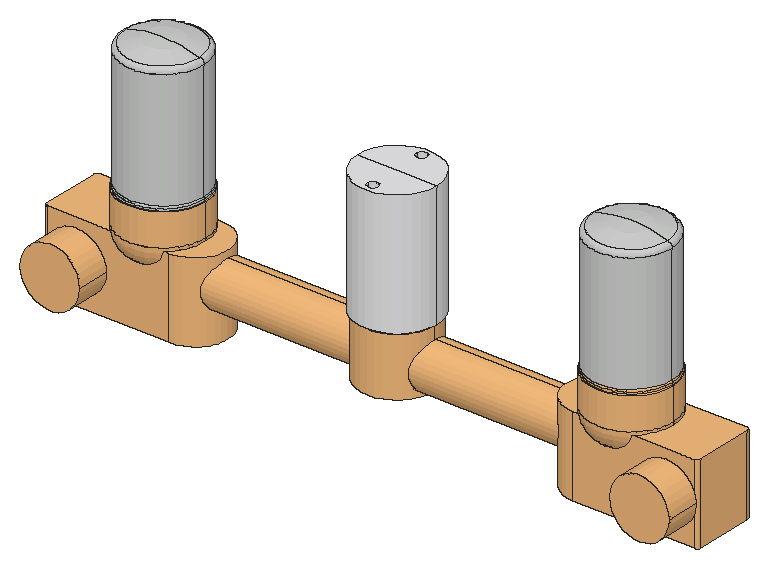
Revit family "Faucet-Valves_and_Controls-KOHLER-K-24896T_1", category Plumbing Fixtures, host Face, Revit 2017
Family settings
  Host = Face
  Round Connector Dimension = Use Diameter
  Part Type = Normal
  OmniClass Number = 23.27.31.00
  OmniClass Title = Valves
  Cut with Voids When Loaded = No
  Shared = No
  Room Calculation Point = No
Parameters (values of type "NA-Stainless Steel Wire Drawing")
  Width = 11"  # constant formula
  WaterSense Certified = 1 = 0  # no
  Waste Water Outlet = "Waste Water Outlet"  # constant formula
  Waste Connection = 1 = 0  # no
  Vent Connection = 1 = 0  # no
  URL = "http://www.kohler.com.cn/en/"
  Product Page URL = "https://www.kohler.com.cn/product/K-24896T-NA/K-24896T-NA/"
  Product Name = ""
  Product Documentation Link = "https://files.kohler.com.cn/pdfs/1535615820633_1299768-2_A1(28139T%2024896T).pdf"
  Pressure = 0.00 psi
  Model = "K-24896T-NA"  # constant formula
  Material = "Brass Construction"  # constant formula
  MasterFormat 2004 = "22.41.39"  # constant formula
  MasterFormat 1995 = "154300"  # constant formula
  Manufacturer Address = "Kohler Beijing Office (100016) 36-2-03-B, No. 88, Liuxiang Road, Beijing"  # constant formula
  Manufacturer = "KOHLER Co."  # constant formula
  Length = 4 11/64"  # constant formula
  Hot Water Inlet = "Hot Water Inlet"  # constant formula
  Height = 2 11/128"  # constant formula
  HW Connection = 1 = 1  # yes
  Flow Rate = 0 GPM
  Finish = Kohler-Metal-Brass
  Environmental Product Declaration = ""
  Drain Included = 1 = 0  # no
  Description = "double-handle wall outlet basin faucet valve core"  # constant formula
  Default Elevation = 36"
  Declare Label = ""
  Date Modified = "10/09/2020"  # constant formula
  Date Created = "10/09/2020"  # constant formula
  Copyright = "Copyright KOHLER Co."  # constant formula
  Contact Us = "http://www.kohler.com.cn/en/contact/contact-us/"
  Cold Water Inlet = "Cold Water Inlet"  # constant formula
  CW Connection = 1 = 1  # yes
  Assembly Code = "D2020"
  ADA Compliant = 1 = 0  # no
Reference planes (in)
  plane 1 "Center (Front/Back)": y = 0
  plane 2: z = 0
  plane 3 "Center (Left/Right)": x = 0
  plane 4: y = 0.98425
  plane 5: z = -2.68974
  plane 6: x = -5.5
  plane 7: x = 5.5
  plane 8: x = 3.93701
  plane 9: x = -3.93701
  plane 10: z = -2.01594
  plane 11: x = -4.96063
  plane 12: x = 4.96063
  plane 13: z = 1.48213
  plane 14: y = -1.10169
Forms (in)
  Extrusion 1, void
    sketch origin (0, 0, 0) x (1, 0, 0) y (0, 1, 0)
      loop
        circle (3.93701, 0) r 0.75
      loop
        circle (-3.93701, 0) r 0.75
    from -1.35116 to -0.01258
  Extrusion 2, void
    sketch origin (0, 0, 0) x (1, 0, 0) y (0, 0, 1)
      loop
        line (5.5, -1.09549) -> (-5.5, -1.09549) -> (-5.5, -2.68974) -> (5.5, -2.68974) -> (5.5, -1.09549)
    from -0.98425 to 1.2582
  Extrusion 3, void
    sketch origin (0, 0, 0) x (1, 0, 0) y (0, 1, 0)
      loop
        circle (0, 0) r 0.69959
    from -1.35116 to -0.01523
Dimensions and locks (in)
  "Width": plane 6 to plane 7
  plane 9 to plane 8 = 7.87402"
  "Length": plane 13 to plane 5
  "Height": plane 4 to plane 14
  aligned and locked: plane 2 to host face
  aligned and locked: level to host face
Automatic sketch dimensions
  host sketch curve to host sketch curve = 96"  (x2)
  plane 6 to Extrusion 2 sketch curve = 0"
  Extrusion 2 sketch curve to plane 5 = 0"
  Extrusion 2 sketch curve to plane 7 = 0"
  plane 10 to Extrusion 2 sketch curve = 0.92044"
  plane 1 "Center (Front/Back)" to Extrusion 3 sketch curve = 0"
  Extrusion 3 sketch curve to plane 3 "Center (Left/Right)" = 0"
  radius of Extrusion 3 sketch curve = 0.69959"
Nested families (in)
  nested 1: "K-24896T" at (0, 0, 0), type "K-24896T"
Connectors (in)
  piping at (-4.96063, -1.10236, -2.01594), diameter 0.5, driven by "HW Connection", driven by "Hot Water Inlet", driven by "Pressure", driven by "Flow Rate"
    settings: on nested 1, index 1, connector inside diameter 24", connector length 0", flow factor 0, pipe flow 0 GPM, pressure drop 0.00 psi, fitting loss kfactor 0, connector angle 0.00°, fixture units 0, engagement length 0", angle of deflection 0.00°, flow configuration 0, flow direction 1, fitting loss method 0, system type 19, joint type 0, gender type 0, connector reference index -1, connector utility 1, adjustable connector no, is connector primary yes, connector description "Hot Water Inlet"
  piping at (4.96063, -1.10236, -2.01594), diameter 0.5, driven by "CW Connection", driven by "Cold Water Inlet", driven by "Pressure", driven by "Flow Rate"
    settings: on nested 1, index 2, connector inside diameter 24", connector length 0", flow factor 0, pipe flow 0 GPM, pressure drop 0.00 psi, fitting loss kfactor 0, connector angle 0.00°, fixture units 0, engagement length 0", angle of deflection 0.00°, flow configuration 0, flow direction 1, fitting loss method 0, system type 20, joint type 0, gender type 0, connector reference index -1, connector utility 1, adjustable connector no, is connector primary no, connector description "Cold Water Inlet"
Definition of nested family "K-24896T"
  Parameters (values of type "K-24896T")
    Material = none
  Reference planes (in)
    plane 1 "Center (Front/Back)": y = 0
    plane 2: z = 0
    plane 3 "Center (Left/Right)": x = 0
    plane 4: x = -5.5
    plane 5: x = 5.5
    plane 6: x = -3.93701
    plane 7: x = 3.93701
    plane 8: z = -2.68974
    plane 9: x = -4.96063
    plane 10: x = 4.96063
    plane 11: z = 1.48361
    plane 12: y = -1.10236
  Forms (in)
    Extrusion 1, solid, material <- "Material", detail levels medium+fine
      sketch origin (0, 0, 0) x (1, 0, 0) y (0, 1, 0)
        loop
          line (-5.5, 0.48286) -> (-5.5, -0.4936)
          arc (-5.5, -0.4936) -> (-5.48314, -0.53432) -> (-5.44242, -0.55118) r 0.05758
          line (-5.44242, -0.55118) -> (-3.39892, -0.55118)
          arc (-3.39892, -0.55118) -> (-2.84774, 0) -> (-3.39892, 0.55118) r 0.55118
          line (-3.39892, 0.55118) -> (-5.43168, 0.55118)
          arc (-5.43168, 0.55118) -> (-5.47999, 0.53117) -> (-5.5, 0.48286) r 0.06832
        loop
          arc (5.5, 0.48286) -> (5.47999, 0.53117) -> (5.43168, 0.55118) r 0.06832
          line (5.43168, 0.55118) -> (3.39892, 0.55118)
          arc (3.39892, 0.55118) -> (2.84774, 0) -> (3.39892, -0.55118) r 0.55118
          line (3.39892, -0.55118) -> (5.44242, -0.55118)
          arc (5.44242, -0.55118) -> (5.48314, -0.53432) -> (5.5, -0.4936) r 0.05758
          line (5.5, -0.4936) -> (5.5, 0.48286)
      from -2.68974 to -1.35116
    Revolve 2, solid, material <- "Material", detail levels medium+fine
      sketch origin (0, 0, 0) x (1, 0, 0) y (0, 0, 1)
        loop
          arc (-3.93701, 1.48334) -> (-4.24889, 1.45981) -> (-4.55372, 1.38977) r 2.07909
          arc (-4.55372, 1.38977) -> (-4.60201, 1.3554) -> (-4.62051, 1.29909) r 0.09495
          line (-4.62051, 1.29909) -> (-4.62051, -0.68175) -> (-4.58922, -0.68175)
          arc (-4.58922, -0.68175) -> (-4.61641, -0.69156) -> (-4.62789, -0.7181) r 0.03642
          line (-4.62789, -0.7181) -> (-4.62789, -0.75123) -> (-4.59288, -0.76061) -> (-4.64567, -0.76061) -> (-4.64567, -1.3035)
          arc (-4.64567, -1.3035) -> (-4.60761, -1.49484) -> (-4.49922, -1.65706) r 0.5
          line (-4.49922, -1.65706) -> (-4.31833, -1.83795) -> (-3.93701, -1.83795) -> (-3.93701, 1.48334)
        axis (-3.93701, 1.48334) -> (-3.93701, -1.83795)
      angle from 0 to 360
    Revolve 3, solid, material <- "Material", detail levels medium+fine
      sketch origin (0, 0, 0) x (1, 0, 0) y (0, 0, 1)
        loop
          line (3.38583, -1.86297) -> (3.38583, -1.46818) -> (-3.38583, -1.46818) -> (-3.38583, -1.86297) -> (3.38583, -1.86297)
        axis (-3.38583, -1.86297) -> (3.38583, -1.86297)
      angle from 0 to 360
    Extrusion 4, solid, material <- "Material", detail levels medium+fine
      sketch origin (0, 0, 0) x (1, 0, 0) y (0, 0, 1)
        loop
          circle (4.96063, -2.01594) r 0.5
        loop
          circle (-4.96063, -2.01594) r 0.5
      from 0 to 1.10236
    Extrusion 5, solid, material <- "Material", detail levels medium+fine
      sketch origin (0, 0, 0) x (1, 0, 0) y (0, 1, 0)
        loop
          line (-3.82061, 0.98425) -> (-4.04033, 0.98425)
          arc (-4.04033, 0.98425) -> (-4.10647, 0.95686) -> (-4.13386, 0.89073) r 0.09352
          line (-4.13386, 0.89073) -> (-4.13386, 0.40196) -> (-3.74016, 0.40196) -> (-3.74016, 0.9038)
          arc (-3.74016, 0.9038) -> (-3.76372, 0.96069) -> (-3.82061, 0.98425) r 0.08045
      from -2.68974 to -2.45352
    Extrusion 6, solid, material <- "Material", detail levels medium+fine
      sketch origin (0, 0, 0) x (-1, 0, 0) y (0, -1, 0)
        loop
          arc (-3.82061, -0.98425) -> (-3.76372, -0.96069) -> (-3.74016, -0.9038) r 0.08045
          line (-3.74016, -0.9038) -> (-3.74016, -0.40196) -> (-4.13386, -0.40196) -> (-4.13386, -0.89073)
          arc (-4.13386, -0.89073) -> (-4.10647, -0.95686) -> (-4.04033, -0.98425) r 0.09352
          line (-4.04033, -0.98425) -> (-3.82061, -0.98425)
      from -2.68974 to -2.45352
    Revolve 7, solid, material <- "Material", detail levels medium+fine
      sketch origin (0, 0, 0) x (1, 0, 0) y (0, 0, 1)
        loop
          line (-0.62979, -1.2601) -> (-0.62979, -2.25667) -> (0, -2.25667) -> (0, 0.85368) -> (-0.66931, 0.85368) -> (-0.66931, -1.23345) -> (-0.62979, -1.2601)
        axis (0, 0.85368) -> (0, -2.25667)
      angle from 0 to 360
    Revolve 8, solid, material <- "Material", detail levels medium+fine
      sketch origin (0, 0, 0) x (-1, 0, 0) y (0, 0, -1)
        loop
          line (-3.93701, -1.48334) -> (-3.93701, 1.83795) -> (-4.31833, 1.83795) -> (-4.49922, 1.65706)
          arc (-4.49922, 1.65706) -> (-4.60761, 1.49484) -> (-4.64567, 1.3035) r 0.5
          line (-4.64567, 1.3035) -> (-4.64567, 0.76061) -> (-4.59288, 0.76061) -> (-4.62789, 0.75123) -> (-4.62789, 0.7181)
          arc (-4.62789, 0.7181) -> (-4.61641, 0.69156) -> (-4.58922, 0.68175) r 0.03642
          line (-4.58922, 0.68175) -> (-4.62051, 0.68175) -> (-4.62051, -1.29909)
          arc (-4.62051, -1.29909) -> (-4.60201, -1.3554) -> (-4.55372, -1.38977) r 0.09495
          arc (-4.55372, -1.38977) -> (-4.24889, -1.45981) -> (-3.93701, -1.48334) r 2.07909
        axis (-3.93701, -1.48334) -> (-3.93701, 1.83795)
      angle from 0 to 360
    Extrusion 9, solid, material <- "Material", detail levels coarse
      sketch origin (0, 0, 0) x (1, 0, 0) y (0, 1, 0)
        loop
          line (-5.5, 0.55118) -> (-5.5, -0.55118) -> (-2.86918, -0.55118) -> (-2.86918, 0.55118) -> (-5.5, 0.55118)
        loop
          line (5.5, 0.55118) -> (2.86918, 0.55118) -> (2.86918, -0.55118) -> (5.5, -0.55118) -> (5.5, 0.55118)
      from -2.68974 to -1.24327
    Revolve 10, solid, material <- "Material", detail levels coarse
      sketch origin (0, 0, 0) x (1, 0, 0) y (0, 0, 1)
        loop
          line (-3.03804, -1.85829) -> (3.24613, -1.85829) -> (3.24613, -1.35116) -> (-3.03804, -1.35116) -> (-3.03804, -1.85829)
        axis (-3.03804, -1.85829) -> (3.24613, -1.85829)
      angle from 0 to 360
    Revolve 11, solid, material <- "Material", detail levels coarse
      sketch origin (0, 0, 0) x (1, 0, 0) y (0, 0, 1)
        loop
          line (-3.93701, 1.49154) -> (-4.68701, 1.49154) -> (-4.68701, -1.24327) -> (-3.93701, -1.24327) -> (-3.93701, 1.49154)
        axis (-3.93701, -1.24327) -> (-3.93701, 1.49154)
      angle from 0 to 360
    Revolve 12, solid, material <- "Material", detail levels coarse
      sketch origin (0, 0, 0) x (-1, 0, 0) y (0, 0, 1)
        loop
          line (-3.93701, 1.49154) -> (-4.68701, 1.49154) -> (-4.68701, -1.24327) -> (-3.93701, -1.24327) -> (-3.93701, 1.49154)
        axis (-3.93701, -1.24327) -> (-3.93701, 1.49154)
      angle from 0 to 360
    Extrusion 13, solid, material <- "Material", detail levels coarse
      sketch origin (0, 0, 0) x (1, 0, 0) y (0, 1, 0)
        loop
          circle (0, 0) r 0.66931
      from -2.32529 to 0.85541
    Extrusion 14, solid, material <- "Material", detail levels coarse
      sketch origin (0, 0, 0) x (1, 0, 0) y (0, 0, 1)
        loop
          circle (-4.96063, -2.01594) r 0.5
        loop
          circle (4.96063, -2.01594) r 0.5
      from 0 to 1.10236
    Extrusion 15, solid, material <- "Material", detail levels medium+fine
      sketch origin (0, 0, 0) x (0, 1, 0) y (0, 0, 1)
        loop
          line (0.70128, 0.38962) -> (0.70128, 0.6962) -> (0.66929, 0.6962) -> (0.66929, -0.68175) -> (0.70128, -0.68175) -> (0.70128, -0.01523) -> (0.73496, -0.01523) -> (0.73496, 0.02583) -> (0.70128, 0.02583) -> (0.70128, 0.34857) -> (0.73496, 0.34857) -> (0.73496, 0.38962) -> (0.70128, 0.38962)
      from -4.17323 to -3.70079
    Extrusion 16, solid, material <- "Material", detail levels medium+fine
      sketch origin (0, 0, 0) x (0, 1, 0) y (0, 0, -1)
        loop
          line (0.70128, -0.38962) -> (0.73496, -0.38962) -> (0.73496, -0.34857) -> (0.70128, -0.34857) -> (0.70128, -0.02583) -> (0.73496, -0.02583) -> (0.73496, 0.01523) -> (0.70128, 0.01523) -> (0.70128, 0.68175) -> (0.66929, 0.68175) -> (0.66929, -0.6962) -> (0.70128, -0.6962) -> (0.70128, -0.38962)
      from -4.17323 to -3.70079
    Extrusion 17, void
      sketch origin (0, 0, 0) x (1, 0, 0) y (0, 1, 0)
        loop
          circle (0.00082, 0.51153) r 0.08933
        loop
          circle (0.00082, -0.51153) r 0.08933
      from 0.76738 to 0.93544
    Extrusion 18, solid, material <- "Material", detail levels medium+fine
      sketch origin (0, 0, 0) x (1, 0, 0) y (0, 0, 1)
        loop
          circle (-2.36456, -1.86264) r 0.118
      from -0.4146 to -0.38818
  Cuts and joins
    joined: Extrusion 1, Revolve 2, Revolve 3, Extrusion 4, Extrusion 5, Extrusion 6, Revolve 8, Extrusion 15, Extrusion 16, Extrusion 18
    joined: Extrusion 9, Revolve 10, Revolve 11, Revolve 12, Extrusion 13, Extrusion 14
    Extrusion 17 cuts Revolve 7
  Lines and regions (in)
    Masking region 1, detail levels medium+fine
      outline origin (0, 0, 0) x (1, 0, 0) y (0, 0, 1)
        loop
          line (-4.62051, 0) -> (-4.62051, -0.68175) -> (-4.58922, -0.68175)
          arc (-4.58922, -0.68175) -> (-4.61627, -0.69026) -> (-4.62789, -0.71614) r 0.03463
          line (-4.62789, -0.71614) -> (-4.62789, -0.74787) -> (-4.59288, -0.76061) -> (-4.64567, -0.76061) -> (-4.64567, -1.35116) -> (-5.5, -1.35116) -> (-5.5, -2.68974) -> (-2.84774, -2.68974) -> (-2.84774, -2.25776) -> (2.84774, -2.25776) -> (2.84774, -2.68974) -> (5.5, -2.68974) -> (5.5, -1.35116) -> (4.64567, -1.35116) -> (4.64567, -0.76061) -> (4.59288, -0.76061) -> (4.62789, -0.74787) -> (4.62789, -0.71614)
          arc (4.62789, -0.71614) -> (4.61627, -0.69026) -> (4.58922, -0.68175) r 0.03463
          line (4.58922, -0.68175) -> (4.62051, -0.68175) -> (4.62051, 0) -> (3.25351, 0) -> (3.25351, -0.68175) -> (3.2848, -0.68175)
          arc (3.2848, -0.68175) -> (3.25774, -0.69026) -> (3.24613, -0.71614) r 0.03463
          line (3.24613, -0.71614) -> (3.24613, -0.74787) -> (3.28113, -0.76061) -> (3.22835, -0.76061) -> (3.22835, -1.35116) -> (2.84774, -1.35116) -> (2.84774, -1.46818) -> (0.62716, -1.46818) -> (0.62716, -1.26187) -> (0.66931, -1.23345) -> (0.66931, 0) -> (-0.66931, 0) -> (-0.66931, -1.23345) -> (-0.62716, -1.26187) -> (-0.62716, -1.46818) -> (-2.84774, -1.46818) -> (-2.84774, -1.35116) -> (-3.22835, -1.35116) -> (-3.22835, -0.76061) -> (-3.28113, -0.76061) -> (-3.24613, -0.74787) -> (-3.24613, -0.71614)
          arc (-3.24613, -0.71614) -> (-3.25774, -0.69026) -> (-3.2848, -0.68175) r 0.03463
          line (-3.2848, -0.68175) -> (-3.25351, -0.68175) -> (-3.25351, 0) -> (-4.62051, 0)
    Masking region 2
      outline origin (0, 0, 0) x (0, 1, 0) y (0, 0, 1)
        loop
          line (0.7011, -0.01523) -> (0.73496, -0.01523) -> (0.73496, 0.02583) -> (0.70128, 0.02583) -> (0.70128, 0.34857) -> (0.73496, 0.34857) -> (0.73496, 0.38962) -> (0.70128, 0.38962) -> (0.70128, 0.6962) -> (0.68354, 0.72618) -> (0.68354, 1.29995)
          arc (0.68354, 1.29995) -> (0.66535, 1.3554) -> (0.61786, 1.3893) r 0.09361
          arc (0.61786, 1.3893) -> (0.31251, 1.45989) -> (0, 1.48361) r 2.07108
          arc (0, 1.48361) -> (-0.31251, 1.45989) -> (-0.61786, 1.3893) r 2.07108
          arc (-0.61786, 1.3893) -> (-0.66535, 1.3554) -> (-0.68354, 1.29995) r 0.09361
          line (-0.68354, 1.29995) -> (-0.68354, -0.68175) -> (-0.65221, -0.68175)
          arc (-0.65221, -0.68175) -> (-0.67933, -0.69088) -> (-0.69088, -0.71707) r 0.03547
          line (-0.69088, -0.71707) -> (-0.69088, -0.74787) -> (-0.65588, -0.76061) -> (-0.70866, -0.76061) -> (-0.70866, -1.35847)
          arc (-0.70866, -1.35847) -> (-0.70253, -1.41518) -> (-0.6844, -1.46927) r 0.26514
          line (-0.6844, -1.46927) -> (-1.10236, -1.46927) -> (-1.10236, -2.5626) -> (-0.55118, -2.5626) -> (-0.55118, -2.68974) -> (0.98425, -2.68974) -> (0.98425, -2.45352) -> (0.55118, -2.45352) -> (0.55118, -2.25667) -> (0.6717, -2.25667) -> (0.6717, -1.4935)
          arc (0.6717, -1.4935) -> (0.69925, -1.42847) -> (0.70866, -1.35847) r 0.26514
          line (0.70866, -1.35847) -> (0.70866, -0.76061) -> (0.65588, -0.76061) -> (0.69088, -0.74787) -> (0.69088, -0.70386)
          arc (0.69088, -0.70386) -> (0.68444, -0.68831) -> (0.66889, -0.68187) r 0.02199
          line (0.66889, -0.68187) -> (0.7011, -0.68187) -> (0.7011, -0.01523)
    Masking region 3
      outline origin (0, 0, 0) x (1, 0, 0) y (0, 1, 0)
        loop
          circle (-3.93701, 0) r 0.6835
        loop
          circle (3.93701, 0) r 0.6835
        loop
          circle (0, 0) r 0.66931
    Masking region 4
      outline origin (0, 0, 0) x (1, 0, 0) y (0, 0, 1)
        loop
          line (-4.62051, 1.30208) -> (-4.62051, 0) -> (-3.25351, 0) -> (-3.25351, 1.30208)
          arc (-3.25351, 1.30208) -> (-3.27134, 1.35637) -> (-3.31788, 1.38952) r 0.09158
          arc (-3.31788, 1.38952) -> (-3.62389, 1.45995) -> (-3.93701, 1.48361) r 2.08416
          arc (-3.93701, 1.48361) -> (-4.25012, 1.45995) -> (-4.55613, 1.38952) r 2.08416
          arc (-4.55613, 1.38952) -> (-4.60268, 1.35637) -> (-4.62051, 1.30208) r 0.09158
        loop
          line (-0.66931, 0) -> (0.66931, 0) -> (0.66931, 0.85368) -> (-0.66931, 0.85368) -> (-0.66931, 0)
        loop
          arc (4.62051, 1.30208) -> (4.60268, 1.35637) -> (4.55613, 1.38952) r 0.09158
          arc (4.55613, 1.38952) -> (4.25012, 1.45995) -> (3.93701, 1.48361) r 2.08416
          arc (3.93701, 1.48361) -> (3.62389, 1.45995) -> (3.31788, 1.38952) r 2.08416
          arc (3.31788, 1.38952) -> (3.27134, 1.35637) -> (3.25351, 1.30208) r 0.09158
          line (3.25351, 1.30208) -> (3.25351, 0) -> (4.62051, 0) -> (4.62051, 1.30208)
    symbolic lines, detail levels medium+fine
      curve 1: line (-4.58922, 0, -0.68175) -> (-3.2848, 0, -0.68175)
      curve 2: line (-4.62789, 0, -0.74787) -> (-3.24613, 0, -0.74787)
      curve 3: line (-4.59288, 0, -0.76061) -> (-3.27726, 0, -0.76061)
      curve 4: line (4.58922, 0, -0.68175) -> (3.2848, 0, -0.68175)
      curve 5: line (4.62789, 0, -0.74787) -> (3.24613, 0, -0.74787)
      curve 6: line (4.59288, 0, -0.76061) -> (3.27726, 0, -0.76061)
      curve 7: arc (-4.06732, 0, -1.65278) -> (-4.26958, 0, -1.5496) -> (-4.37992, 0, -1.35116) r 0.38946
      curve 8: arc (-3.80669, 0, -1.65278) -> (-3.93701, 0, -1.66809) -> (-4.06732, 0, -1.65278) r 0.56221
      curve 9: arc (-3.4941, 0, -1.35116) -> (-3.60444, 0, -1.5496) -> (-3.80669, 0, -1.65278) r 0.38946
      curve 10: line (-2.84774, 0, -1.46818) -> (-2.84774, 0, -2.25776)
      curve 11: arc (3.80669, 0, -1.65278) -> (3.60444, 0, -1.5496) -> (3.4941, 0, -1.35116) r 0.38946
      curve 12: arc (4.37992, 0, -1.35116) -> (4.26958, 0, -1.5496) -> (4.06732, 0, -1.65278) r 0.38946
      curve 13: arc (4.06732, 0, -1.65278) -> (3.93701, 0, -1.66809) -> (3.80669, 0, -1.65278) r 0.56221
      curve 14: line (4.64339, 0, -1.35116) -> (4.37992, 0, -1.35116)
      curve 15: line (3.23062, 0, -1.35116) -> (3.4941, 0, -1.35116)
      curve 16: line (-4.64339, 0, -1.35116) -> (-4.37992, 0, -1.35116)
      curve 17: line (-3.23062, 0, -1.35116) -> (-3.4941, 0, -1.35116)
      curve 18: line (-0.62716, 0, -1.46818) -> (0.62716, 0, -1.46818)
      curve 19: arc (-0.62716, 0, -1.46818) -> (-0.77342, 0, -1.86243) -> (-0.62716, 0, -2.25667) r 0.6045
      curve 20: arc (0.62716, 0, -1.46818) -> (0.77342, 0, -1.86243) -> (0.62716, 0, -2.25667) r 0.6045
      curve 21: line (0, 0.55118, -1.35116) -> (0, -0.55118, -1.35116)
      curve 22: line (0, 0.55118, -1.35116) -> (0, 0.55118, -2.68974)
      curve 23: line (0, 0.65588, -0.76061) -> (0, -0.65588, -0.76061)
      curve 24: line (0, -0.69088, -0.74787) -> (0, 0.69088, -0.74787)
      curve 25: line (0, 0.66929, -0.68175) -> (0, -0.65221, -0.68175)
      curve 26: arc (0, 0.6717, -1.4935) -> (0, 0.61905, -1.58088) -> (0, 0.55118, -1.65706) r 0.55093
      curve 27: line (0, -0.55118, -1.35116) -> (0, -0.55118, -2.27424)
      curve 28: line (0, -0.55118, -2.5626) -> (0, -0.55118, -2.27424)
      curve 29: arc (0, -0.6844, -1.46927) -> (0, -0.62968, -1.57159) -> (0, -0.55118, -1.65706) r 0.462
      curve 30: line (2.84774, 0, -1.46818) -> (2.84774, 0, -2.25776)
      curve 39: line (4.13386, 0, -2.68974) -> (4.13386, 0, -2.45352)
      curve 40: line (4.13386, 0, -2.45352) -> (3.74016, 0, -2.45352)
      curve 41: line (3.74016, 0, -2.45352) -> (3.74016, 0, -2.68974)
      curve 42: line (-3.74016, 0, -2.68974) -> (-3.74016, 0, -2.45352)
      curve 43: line (-3.74016, 0, -2.45352) -> (-4.13386, 0, -2.45352)
      curve 44: line (-4.13386, 0, -2.45352) -> (-4.13386, 0, -2.68974)
      curve 45: line (0, -0.6717, -2.25667) -> (0, -0.55118, -2.25667)
      curve 46: line (0, -0.6717, -2.25667) -> (0, -0.6717, -1.49927)
      curve 47: line (0.66931, 0, -1.23345) -> (-0.66931, 0, -1.23345)
      curve 48: line (0.62979, 0, -1.2601) -> (-0.62979, 0, -1.2601)
      curve 49: line (0, 0.66929, 0.6962) -> (0, 0.66929, -0.68175)
      curve 50: line (0, 0.70128, 0.6962) -> (0, 0.66929, 0.6962)
      curve 51: line (0, 0.68354, 0.72618) -> (0, 0.66929, 0.6962)
      curve 52: line (0, 0.70128, 0.38962) -> (0, 0.66929, 0.38962)
      curve 53: line (0, 0.70128, 0.34857) -> (0, 0.66929, 0.34857)
      curve 54: line (0, 0.70128, 0.02583) -> (0, 0.66929, 0.02583)
      curve 55: line (0, 0.70128, -0.01523) -> (0, 0.66929, -0.01523)
      curve 56: arc (-2.48257, 0, -1.86264) -> (-2.36456, 0, -1.98065) -> (-2.24656, 0, -1.86264) r 0.118
      curve 57: arc (-2.24656, 0, -1.86264) -> (-2.36456, 0, -1.74464) -> (-2.48257, 0, -1.86264) r 0.118
      curve 58: line (4.17323, 0, -0.68175) -> (4.17323, 0, 0.6962)
      curve 59: line (3.70079, 0, 0.6962) -> (3.70079, 0, -0.68175)
      curve 60: line (4.17323, 0, 0.6962) -> (3.70079, 0, 0.6962)
      curve 61: line (4.17323, 0, 0.38962) -> (3.70079, 0, 0.38962)
      curve 62: line (4.17323, 0, 0.02583) -> (3.70079, 0, 0.02583)
      curve 63: line (3.70079, 0, -0.01523) -> (4.17323, 0, -0.01523)
      curve 64: line (3.70079, 0, 0.34857) -> (4.17323, 0, 0.34857)
      curve 65: line (-4.17323, 0, -0.68175) -> (-4.17323, 0, 0.6962)
      curve 66: line (-3.70079, 0, 0.6962) -> (-3.70079, 0, -0.68175)
      curve 67: line (-4.17323, 0, 0.6962) -> (-3.70079, 0, 0.6962)
      curve 68: line (-4.17323, 0, 0.38962) -> (-3.70079, 0, 0.38962)
      curve 69: line (-4.17323, 0, 0.02583) -> (-3.70079, 0, 0.02583)
      curve 70: line (-3.70079, 0, -0.01523) -> (-4.17323, 0, -0.01523)
      curve 71: line (-3.70079, 0, 0.34857) -> (-4.17323, 0, 0.34857)
    symbolic lines, detail levels coarse
      curve 31: line (-0.79287, 0, -0.87367) -> (-0.79287, 0, -1.46818)
      curve 32: line (0.79287, 0, -0.87367) -> (0.79287, 0, -1.46818)
      curve 33: line (-0.79287, 0, -0.87367) -> (0.79287, 0, -1.46818)
      curve 34: line (0.79287, 0, -0.87367) -> (-0.79287, 0, -1.46818)
      curve 35: line (0, 0, -1.17092) -> (0, 0, -1.72275)
      curve 36: line (0, 0, -1.72275) -> (-0.29538, 0, -1.72275)
      curve 37: line (0, 0, -1.72275) -> (0.29538, 0, -1.72275)
      curve 38: arc (-0.29538, 0, -1.72275) -> (0, 0, -1.91653) -> (0.29538, 0, -1.72275) r 0.32202
  Dimensions and locks (in)
    aligned and locked: plane 2 to level
